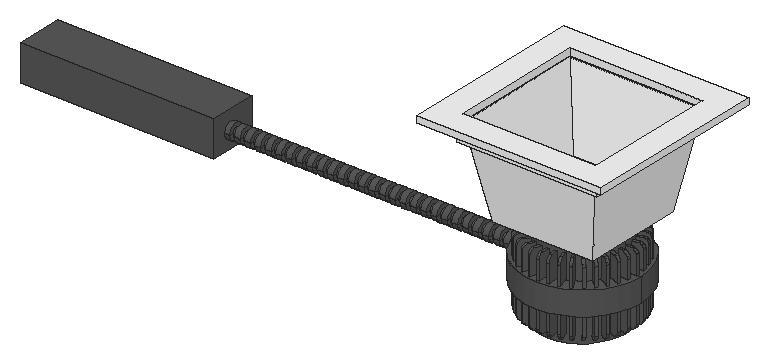
Revit family "LBRP-M-LSSL-4SQD", category Lighting Fixtures, host Face, Revit 2021
Family settings
  Host = Face
  Round Connector Dimension = Use Diameter
  Part Type = Normal
  OmniClass Number = 23.80.70.11.14.17
  OmniClass Title = Direct/Indirect
  Cut with Voids When Loaded = No
  Light Source = Yes
  Shared = Yes
  Room Calculation Point = No
Parameters (values of type "LBRP-M-LSSL-4SQD")
  Heat Sink = Black
  Features = "4\", 6\" and 8\" apertures, delivering 800 to 5000 lumens\r\n•  Aluminum anodized or white reflector with cast flange, 55 deg cutoff\r\n•  Switchable Lumen, CCT, and Beam Angle\r\n•  Integral wiring compartment (standard)\r\n•  Optional support pans for Joist or T-Grid ceilings\r\n•  Universal 120–277V with 0–10V Dim to Off\r\n•  Long Life L70 at >50,000 hrs (TM-21),"
  A = 4.24"
  Wattage = 9.6 W
  Warranty = "5-Years Warranty"
  built-in parameter 1150110 = 1 (stored number, unit not read)
  Voltage = 120 V
  D = 5.97"
  C = 0.20"
  built-in parameter 1114217 = 1 (stored number, unit not read)
  Tilt Angle = -90.00°
  built-in parameter 1150109 = 1 (stored number, unit not read)
  built-in parameter 1150134 = (empty or 0)
  built-in parameter 1150113 = 1 (stored number, unit not read)
  Product Documentation Link = ""
  Power Factor = 0.9
  Photometric Web Link = ""
  Photometric Web File = "LBRP-M-LSMLCS9_LBRP-4SQD-T-D_3000K_1600lm.ies"
  Photometric Notes = "More IES files download on Photometric Web Link"  # constant formula
  zz Length 1 = 48.00"
  Wattage Comments = " 9.6 - 29.7 W"  # constant formula
  URL = "https://www.currentlighting.com/prescolite"
  Product Page URL = ""
  Model = "LBRP-M-LSSL-4SQD"  # constant formula
  Manufacturer = "Prescolite Lighting"  # constant formula
  built-in parameter 1150105 = 66.463 (stored number, unit not read)
  Lumens = 835.2 lm
  built-in parameter 1150115 = 1 (stored number, unit not read)
  Load Classification = Lighting
  built-in parameter 1150137 = (empty or 0)
  built-in parameter 1150139 = (empty or 0)
  built-in parameter 1150112 = 1 (stored number, unit not read)
  built-in parameter 1150114 = 1 (stored number, unit not read)
  Lamp = "LED's"  # constant formula
  built-in parameter 1150132 = (empty or 0)
  built-in parameter 1150102 = (empty or 0)
  built-in parameter 1150107 = 3500 (stored number, unit not read)
  built-in parameter 1150138 = (empty or 0)
  built-in parameter 1150106 = 0.66463 (stored number, unit not read)
  Glass = White Glass
  built-in parameter 1150104 = 8.0826 (stored number, unit not read)
  Dimming Lamp Color Temperature Shift = <None>
  Description = "PRO CANLESS DIRECT INSTALL DOWNLIGHT\r"  # constant formula
  Default Elevation = 48.00"
  Contact Us = ""
  Color Filter = 16777215
  built-in parameter 1114218 = 1 (stored number, unit not read)
  Housing Material = Paint - Matte White
  B = 5.86"
  built-in parameter 1150133 = 10 (stored number, unit not read)
  Assembly Code = "D5020200"
  Apparent Load = 11.5 VA
Reference planes (in)
  plane 1 "Center (Front/Back)": y = 13.01342
  plane 2: z = 0
  plane 3 "Center (Left/Right)": x = 0
  plane 4: z = 0.2
  plane 5: z = -5.77
  plane 6: y = 15.13342
  plane 7: y = 10.89342
  plane 8: y = 15.94342
  plane 9: y = 10.08342
  plane 10: x = 2.93
  plane 11: x = -2.93
  plane 12: x = 2.12
  plane 13: x = -2.12
Forms (in)
  Revolve 1, solid, material "Black" <- "Heat Sink"
    sketch origin (0, 13.01342, 0) x (1, 0, 0) y (0, 0, 1)
      loop
        line (1.38083, -2.93419) -> (0.86374, -2.93419) -> (0, -2.93419) -> (0, -5.77) -> (1.38083, -5.77) -> (1.38083, -4.72236) -> (1.88083, -4.72236) -> (1.88083, -3.97236) -> (1.38083, -3.97236) -> (1.38083, -2.93419)
      axis (0, -2.93419) -> (0, -5.77)
    angle from 0 to 360
  Extrusion 2, solid, material "Black" <- "Heat Sink"
    sketch origin (0, 13.01342, 0.0625) x (1, 0, 0) y (0, 0, 1)
      loop
        line (1.38083, -4.03486) -> (1.75583, -4.03486) -> (1.75583, -3.44939)
        arc (1.75583, -3.44939) -> (1.70764, -3.33305) -> (1.5913, -3.28486) r 0.16453
        line (1.5913, -3.28486) -> (1.38083, -3.28486) -> (1.38083, -4.03486)
      loop
        line (1.38083, -4.78434) -> (1.38083, -5.59684) -> (1.5913, -5.59684)
        arc (1.5913, -5.59684) -> (1.70764, -5.54865) -> (1.75583, -5.43231) r 0.16453
        line (1.75583, -5.43231) -> (1.75583, -4.78434) -> (1.38083, -4.78434)
    from -0.0248 to 0.04965
  Extrusion 3, solid, material "Black" <- "Heat Sink"
    sketch origin (0, 13.01342, 0.0625) x (0.984808, -0.173648, 0) y (0, 0, 1)
      loop
        line (1.38083, -4.03486) -> (1.75583, -4.03486) -> (1.75583, -3.44939)
        arc (1.75583, -3.44939) -> (1.70764, -3.33305) -> (1.5913, -3.28486) r 0.16453
        line (1.5913, -3.28486) -> (1.38083, -3.28486) -> (1.38083, -4.03486)
      loop
        line (1.38083, -4.78434) -> (1.38083, -5.59684) -> (1.5913, -5.59684)
        arc (1.5913, -5.59684) -> (1.70764, -5.54865) -> (1.75583, -5.43231) r 0.16453
        line (1.75583, -5.43231) -> (1.75583, -4.78434) -> (1.38083, -4.78434)
    from -0.0248 to 0.04965
  Extrusion 4, solid, material "Black" <- "Heat Sink"
    sketch origin (0, 13.01342, 0.0625) x (0.939693, -0.34202, 0) y (0, 0, 1)
      loop
        line (1.38083, -4.03486) -> (1.75583, -4.03486) -> (1.75583, -3.44939)
        arc (1.75583, -3.44939) -> (1.70764, -3.33305) -> (1.5913, -3.28486) r 0.16453
        line (1.5913, -3.28486) -> (1.38083, -3.28486) -> (1.38083, -4.03486)
      loop
        line (1.38083, -4.78434) -> (1.38083, -5.59684) -> (1.5913, -5.59684)
        arc (1.5913, -5.59684) -> (1.70764, -5.54865) -> (1.75583, -5.43231) r 0.16453
        line (1.75583, -5.43231) -> (1.75583, -4.78434) -> (1.38083, -4.78434)
    from -0.0248 to 0.04965
  Extrusion 5, solid, material "Black" <- "Heat Sink"
    sketch origin (0, 13.01342, 0.0625) x (0.866025, -0.5, 0) y (0, 0, 1)
      loop
        line (1.38083, -4.03486) -> (1.75583, -4.03486) -> (1.75583, -3.44939)
        arc (1.75583, -3.44939) -> (1.70764, -3.33305) -> (1.5913, -3.28486) r 0.16453
        line (1.5913, -3.28486) -> (1.38083, -3.28486) -> (1.38083, -4.03486)
      loop
        line (1.38083, -4.78434) -> (1.38083, -5.59684) -> (1.5913, -5.59684)
        arc (1.5913, -5.59684) -> (1.70764, -5.54865) -> (1.75583, -5.43231) r 0.16453
        line (1.75583, -5.43231) -> (1.75583, -4.78434) -> (1.38083, -4.78434)
    from -0.0248 to 0.04965
  Extrusion 6, solid, material "Black" <- "Heat Sink"
    sketch origin (0, 13.01342, 0.0625) x (0.766044, -0.642788, 0) y (0, 0, 1)
      loop
        line (1.38083, -4.03486) -> (1.75583, -4.03486) -> (1.75583, -3.44939)
        arc (1.75583, -3.44939) -> (1.70764, -3.33305) -> (1.5913, -3.28486) r 0.16453
        line (1.5913, -3.28486) -> (1.38083, -3.28486) -> (1.38083, -4.03486)
      loop
        line (1.38083, -4.78434) -> (1.38083, -5.59684) -> (1.5913, -5.59684)
        arc (1.5913, -5.59684) -> (1.70764, -5.54865) -> (1.75583, -5.43231) r 0.16453
        line (1.75583, -5.43231) -> (1.75583, -4.78434) -> (1.38083, -4.78434)
    from -0.0248 to 0.04965
  Extrusion 7, solid, material "Black" <- "Heat Sink"
    sketch origin (0, 13.01342, 0.0625) x (0.642788, -0.766044, 0) y (0, 0, 1)
      loop
        line (1.38083, -4.03486) -> (1.75583, -4.03486) -> (1.75583, -3.44939)
        arc (1.75583, -3.44939) -> (1.70764, -3.33305) -> (1.5913, -3.28486) r 0.16453
        line (1.5913, -3.28486) -> (1.38083, -3.28486) -> (1.38083, -4.03486)
      loop
        line (1.38083, -4.78434) -> (1.38083, -5.59684) -> (1.5913, -5.59684)
        arc (1.5913, -5.59684) -> (1.70764, -5.54865) -> (1.75583, -5.43231) r 0.16453
        line (1.75583, -5.43231) -> (1.75583, -4.78434) -> (1.38083, -4.78434)
    from -0.0248 to 0.04965
  Extrusion 8, solid, material "Black" <- "Heat Sink"
    sketch origin (0, 13.01342, 0.0625) x (0.5, -0.866025, 0) y (0, 0, 1)
      loop
        line (1.38083, -4.03486) -> (1.75583, -4.03486) -> (1.75583, -3.44939)
        arc (1.75583, -3.44939) -> (1.70764, -3.33305) -> (1.5913, -3.28486) r 0.16453
        line (1.5913, -3.28486) -> (1.38083, -3.28486) -> (1.38083, -4.03486)
      loop
        line (1.38083, -4.78434) -> (1.38083, -5.59684) -> (1.5913, -5.59684)
        arc (1.5913, -5.59684) -> (1.70764, -5.54865) -> (1.75583, -5.43231) r 0.16453
        line (1.75583, -5.43231) -> (1.75583, -4.78434) -> (1.38083, -4.78434)
    from -0.0248 to 0.04965
  Extrusion 9, solid, material "Black" <- "Heat Sink"
    sketch origin (0, 13.01342, 0.0625) x (0.34202, -0.939693, 0) y (0, 0, 1)
      loop
        line (1.38083, -4.03486) -> (1.75583, -4.03486) -> (1.75583, -3.44939)
        arc (1.75583, -3.44939) -> (1.70764, -3.33305) -> (1.5913, -3.28486) r 0.16453
        line (1.5913, -3.28486) -> (1.38083, -3.28486) -> (1.38083, -4.03486)
      loop
        line (1.38083, -4.78434) -> (1.38083, -5.59684) -> (1.5913, -5.59684)
        arc (1.5913, -5.59684) -> (1.70764, -5.54865) -> (1.75583, -5.43231) r 0.16453
        line (1.75583, -5.43231) -> (1.75583, -4.78434) -> (1.38083, -4.78434)
    from -0.0248 to 0.04965
  Extrusion 10, solid, material "Black" <- "Heat Sink"
    sketch origin (0, 13.01342, 0.0625) x (0.173648, -0.984808, 0) y (0, 0, 1)
      loop
        line (1.38083, -4.03486) -> (1.75583, -4.03486) -> (1.75583, -3.44939)
        arc (1.75583, -3.44939) -> (1.70764, -3.33305) -> (1.5913, -3.28486) r 0.16453
        line (1.5913, -3.28486) -> (1.38083, -3.28486) -> (1.38083, -4.03486)
      loop
        line (1.38083, -4.78434) -> (1.38083, -5.59684) -> (1.5913, -5.59684)
        arc (1.5913, -5.59684) -> (1.70764, -5.54865) -> (1.75583, -5.43231) r 0.16453
        line (1.75583, -5.43231) -> (1.75583, -4.78434) -> (1.38083, -4.78434)
    from -0.0248 to 0.04965
  Extrusion 11, solid, material "Black" <- "Heat Sink"
    sketch origin (0, 13.01342, 0.0625) x (0, -1, 0) y (0, 0, 1)
      loop
        line (1.38083, -4.03486) -> (1.75583, -4.03486) -> (1.75583, -3.44939)
        arc (1.75583, -3.44939) -> (1.70764, -3.33305) -> (1.5913, -3.28486) r 0.16453
        line (1.5913, -3.28486) -> (1.38083, -3.28486) -> (1.38083, -4.03486)
      loop
        line (1.38083, -4.78434) -> (1.38083, -5.59684) -> (1.5913, -5.59684)
        arc (1.5913, -5.59684) -> (1.70764, -5.54865) -> (1.75583, -5.43231) r 0.16453
        line (1.75583, -5.43231) -> (1.75583, -4.78434) -> (1.38083, -4.78434)
    from -0.0248 to 0.04965
  Extrusion 12, solid, material "Black" <- "Heat Sink"
    sketch origin (0, 13.01342, 0.0625) x (-0.173648, -0.984808, 0) y (0, 0, 1)
      loop
        line (1.38083, -4.03486) -> (1.75583, -4.03486) -> (1.75583, -3.44939)
        arc (1.75583, -3.44939) -> (1.70764, -3.33305) -> (1.5913, -3.28486) r 0.16453
        line (1.5913, -3.28486) -> (1.38083, -3.28486) -> (1.38083, -4.03486)
      loop
        line (1.38083, -4.78434) -> (1.38083, -5.59684) -> (1.5913, -5.59684)
        arc (1.5913, -5.59684) -> (1.70764, -5.54865) -> (1.75583, -5.43231) r 0.16453
        line (1.75583, -5.43231) -> (1.75583, -4.78434) -> (1.38083, -4.78434)
    from -0.0248 to 0.04965
  Extrusion 13, solid, material "Black" <- "Heat Sink"
    sketch origin (0, 13.01342, 0.0625) x (-0.34202, -0.939693, 0) y (0, 0, 1)
      loop
        line (1.38083, -4.03486) -> (1.75583, -4.03486) -> (1.75583, -3.44939)
        arc (1.75583, -3.44939) -> (1.70764, -3.33305) -> (1.5913, -3.28486) r 0.16453
        line (1.5913, -3.28486) -> (1.38083, -3.28486) -> (1.38083, -4.03486)
      loop
        line (1.38083, -4.78434) -> (1.38083, -5.59684) -> (1.5913, -5.59684)
        arc (1.5913, -5.59684) -> (1.70764, -5.54865) -> (1.75583, -5.43231) r 0.16453
        line (1.75583, -5.43231) -> (1.75583, -4.78434) -> (1.38083, -4.78434)
    from -0.0248 to 0.04965
  Extrusion 14, solid, material "Black" <- "Heat Sink"
    sketch origin (0, 13.01342, 0.0625) x (-0.5, -0.866025, 0) y (0, 0, 1)
      loop
        line (1.38083, -4.03486) -> (1.75583, -4.03486) -> (1.75583, -3.44939)
        arc (1.75583, -3.44939) -> (1.70764, -3.33305) -> (1.5913, -3.28486) r 0.16453
        line (1.5913, -3.28486) -> (1.38083, -3.28486) -> (1.38083, -4.03486)
      loop
        line (1.38083, -4.78434) -> (1.38083, -5.59684) -> (1.5913, -5.59684)
        arc (1.5913, -5.59684) -> (1.70764, -5.54865) -> (1.75583, -5.43231) r 0.16453
        line (1.75583, -5.43231) -> (1.75583, -4.78434) -> (1.38083, -4.78434)
    from -0.0248 to 0.04965
  Extrusion 15, solid, material "Black" <- "Heat Sink"
    sketch origin (0, 13.01342, 0.0625) x (-0.642788, -0.766044, 0) y (0, 0, 1)
      loop
        line (1.38083, -4.03486) -> (1.75583, -4.03486) -> (1.75583, -3.44939)
        arc (1.75583, -3.44939) -> (1.70764, -3.33305) -> (1.5913, -3.28486) r 0.16453
        line (1.5913, -3.28486) -> (1.38083, -3.28486) -> (1.38083, -4.03486)
      loop
        line (1.38083, -4.78434) -> (1.38083, -5.59684) -> (1.5913, -5.59684)
        arc (1.5913, -5.59684) -> (1.70764, -5.54865) -> (1.75583, -5.43231) r 0.16453
        line (1.75583, -5.43231) -> (1.75583, -4.78434) -> (1.38083, -4.78434)
    from -0.0248 to 0.04965
  Extrusion 16, solid, material "Black" <- "Heat Sink"
    sketch origin (0, 13.01342, 0.0625) x (-0.766044, -0.642788, 0) y (0, 0, 1)
      loop
        line (1.38083, -4.03486) -> (1.75583, -4.03486) -> (1.75583, -3.44939)
        arc (1.75583, -3.44939) -> (1.70764, -3.33305) -> (1.5913, -3.28486) r 0.16453
        line (1.5913, -3.28486) -> (1.38083, -3.28486) -> (1.38083, -4.03486)
      loop
        line (1.38083, -4.78434) -> (1.38083, -5.59684) -> (1.5913, -5.59684)
        arc (1.5913, -5.59684) -> (1.70764, -5.54865) -> (1.75583, -5.43231) r 0.16453
        line (1.75583, -5.43231) -> (1.75583, -4.78434) -> (1.38083, -4.78434)
    from -0.0248 to 0.04965
  Extrusion 17, solid, material "Black" <- "Heat Sink"
    sketch origin (0, 13.01342, 0.0625) x (-0.866025, -0.5, 0) y (0, 0, 1)
      loop
        line (1.38083, -4.03486) -> (1.75583, -4.03486) -> (1.75583, -3.44939)
        arc (1.75583, -3.44939) -> (1.70764, -3.33305) -> (1.5913, -3.28486) r 0.16453
        line (1.5913, -3.28486) -> (1.38083, -3.28486) -> (1.38083, -4.03486)
      loop
        line (1.38083, -4.78434) -> (1.38083, -5.59684) -> (1.5913, -5.59684)
        arc (1.5913, -5.59684) -> (1.70764, -5.54865) -> (1.75583, -5.43231) r 0.16453
        line (1.75583, -5.43231) -> (1.75583, -4.78434) -> (1.38083, -4.78434)
    from -0.0248 to 0.04965
  Extrusion 18, solid, material "Black" <- "Heat Sink"
    sketch origin (0, 13.01342, 0.0625) x (-1, 0, 0) y (0, 0, -1)
      loop
        line (1.38083, 4.03486) -> (1.38083, 3.28486) -> (1.5913, 3.28486)
        arc (1.5913, 3.28486) -> (1.70764, 3.33305) -> (1.75583, 3.44939) r 0.16453
        line (1.75583, 3.44939) -> (1.75583, 4.03486) -> (1.38083, 4.03486)
      loop
        line (1.38083, 4.78434) -> (1.75583, 4.78434) -> (1.75583, 5.43231)
        arc (1.75583, 5.43231) -> (1.70764, 5.54865) -> (1.5913, 5.59684) r 0.16453
        line (1.5913, 5.59684) -> (1.38083, 5.59684) -> (1.38083, 4.78434)
    from -0.0248 to 0.04965
  Extrusion 19, solid, material "Black" <- "Heat Sink"
    sketch origin (0, 13.01342, 0.0625) x (-0.984808, -0.173648, 0) y (0, 0, -1)
      loop
        line (1.38083, 4.03486) -> (1.38083, 3.28486) -> (1.5913, 3.28486)
        arc (1.5913, 3.28486) -> (1.70764, 3.33305) -> (1.75583, 3.44939) r 0.16453
        line (1.75583, 3.44939) -> (1.75583, 4.03486) -> (1.38083, 4.03486)
      loop
        line (1.38083, 4.78434) -> (1.75583, 4.78434) -> (1.75583, 5.43231)
        arc (1.75583, 5.43231) -> (1.70764, 5.54865) -> (1.5913, 5.59684) r 0.16453
        line (1.5913, 5.59684) -> (1.38083, 5.59684) -> (1.38083, 4.78434)
    from -0.0248 to 0.04965
  Extrusion 20, solid, material "Black" <- "Heat Sink"
    sketch origin (0, 13.01342, 0.0625) x (-0.939693, -0.34202, 0) y (0, 0, -1)
      loop
        line (1.38083, 4.03486) -> (1.38083, 3.28486) -> (1.5913, 3.28486)
        arc (1.5913, 3.28486) -> (1.70764, 3.33305) -> (1.75583, 3.44939) r 0.16453
        line (1.75583, 3.44939) -> (1.75583, 4.03486) -> (1.38083, 4.03486)
      loop
        line (1.38083, 4.78434) -> (1.75583, 4.78434) -> (1.75583, 5.43231)
        arc (1.75583, 5.43231) -> (1.70764, 5.54865) -> (1.5913, 5.59684) r 0.16453
        line (1.5913, 5.59684) -> (1.38083, 5.59684) -> (1.38083, 4.78434)
    from -0.0248 to 0.04965
  Extrusion 21, solid, material "Black" <- "Heat Sink"
    sketch origin (0, 13.01342, 0.0625) x (0.984808, 0.173648, 0) y (0, 0, -1)
      loop
        line (1.38083, 4.03486) -> (1.38083, 3.28486) -> (1.5913, 3.28486)
        arc (1.5913, 3.28486) -> (1.70764, 3.33305) -> (1.75583, 3.44939) r 0.16453
        line (1.75583, 3.44939) -> (1.75583, 4.03486) -> (1.38083, 4.03486)
      loop
        line (1.38083, 4.78434) -> (1.75583, 4.78434) -> (1.75583, 5.43231)
        arc (1.75583, 5.43231) -> (1.70764, 5.54865) -> (1.5913, 5.59684) r 0.16453
        line (1.5913, 5.59684) -> (1.38083, 5.59684) -> (1.38083, 4.78434)
    from -0.0248 to 0.04965
  Extrusion 22, solid, material "Black" <- "Heat Sink"
    sketch origin (0, 13.01342, 0.0625) x (0.939693, 0.34202, 0) y (0, 0, -1)
      loop
        line (1.38083, 4.03486) -> (1.38083, 3.28486) -> (1.5913, 3.28486)
        arc (1.5913, 3.28486) -> (1.70764, 3.33305) -> (1.75583, 3.44939) r 0.16453
        line (1.75583, 3.44939) -> (1.75583, 4.03486) -> (1.38083, 4.03486)
      loop
        line (1.38083, 4.78434) -> (1.75583, 4.78434) -> (1.75583, 5.43231)
        arc (1.75583, 5.43231) -> (1.70764, 5.54865) -> (1.5913, 5.59684) r 0.16453
        line (1.5913, 5.59684) -> (1.38083, 5.59684) -> (1.38083, 4.78434)
    from -0.0248 to 0.04965
  Extrusion 23, solid, material "Black" <- "Heat Sink"
    sketch origin (0, 13.01342, 0.0625) x (0.866025, 0.5, 0) y (0, 0, -1)
      loop
        line (1.38083, 4.03486) -> (1.38083, 3.28486) -> (1.5913, 3.28486)
        arc (1.5913, 3.28486) -> (1.70764, 3.33305) -> (1.75583, 3.44939) r 0.16453
        line (1.75583, 3.44939) -> (1.75583, 4.03486) -> (1.38083, 4.03486)
      loop
        line (1.38083, 4.78434) -> (1.75583, 4.78434) -> (1.75583, 5.43231)
        arc (1.75583, 5.43231) -> (1.70764, 5.54865) -> (1.5913, 5.59684) r 0.16453
        line (1.5913, 5.59684) -> (1.38083, 5.59684) -> (1.38083, 4.78434)
    from -0.0248 to 0.04965
  Extrusion 24, solid, material "Black" <- "Heat Sink"
    sketch origin (0, 13.01342, 0.0625) x (0.766044, 0.642788, 0) y (0, 0, -1)
      loop
        line (1.38083, 4.03486) -> (1.38083, 3.28486) -> (1.5913, 3.28486)
        arc (1.5913, 3.28486) -> (1.70764, 3.33305) -> (1.75583, 3.44939) r 0.16453
        line (1.75583, 3.44939) -> (1.75583, 4.03486) -> (1.38083, 4.03486)
      loop
        line (1.38083, 4.78434) -> (1.75583, 4.78434) -> (1.75583, 5.43231)
        arc (1.75583, 5.43231) -> (1.70764, 5.54865) -> (1.5913, 5.59684) r 0.16453
        line (1.5913, 5.59684) -> (1.38083, 5.59684) -> (1.38083, 4.78434)
    from -0.0248 to 0.04965
  Extrusion 25, solid, material "Black" <- "Heat Sink"
    sketch origin (0, 13.01342, 0.0625) x (0.642788, 0.766044, 0) y (0, 0, -1)
      loop
        line (1.38083, 4.03486) -> (1.38083, 3.28486) -> (1.5913, 3.28486)
        arc (1.5913, 3.28486) -> (1.70764, 3.33305) -> (1.75583, 3.44939) r 0.16453
        line (1.75583, 3.44939) -> (1.75583, 4.03486) -> (1.38083, 4.03486)
      loop
        line (1.38083, 4.78434) -> (1.75583, 4.78434) -> (1.75583, 5.43231)
        arc (1.75583, 5.43231) -> (1.70764, 5.54865) -> (1.5913, 5.59684) r 0.16453
        line (1.5913, 5.59684) -> (1.38083, 5.59684) -> (1.38083, 4.78434)
    from -0.0248 to 0.04965
  Extrusion 26, solid, material "Black" <- "Heat Sink"
    sketch origin (0, 13.01342, 0.0625) x (0.5, 0.866025, 0) y (0, 0, -1)
      loop
        line (1.38083, 4.03486) -> (1.38083, 3.28486) -> (1.5913, 3.28486)
        arc (1.5913, 3.28486) -> (1.70764, 3.33305) -> (1.75583, 3.44939) r 0.16453
        line (1.75583, 3.44939) -> (1.75583, 4.03486) -> (1.38083, 4.03486)
      loop
        line (1.38083, 4.78434) -> (1.75583, 4.78434) -> (1.75583, 5.43231)
        arc (1.75583, 5.43231) -> (1.70764, 5.54865) -> (1.5913, 5.59684) r 0.16453
        line (1.5913, 5.59684) -> (1.38083, 5.59684) -> (1.38083, 4.78434)
    from -0.0248 to 0.04965
  Extrusion 27, solid, material "Black" <- "Heat Sink"
    sketch origin (0, 13.01342, 0.0625) x (0.34202, 0.939693, 0) y (0, 0, -1)
      loop
        line (1.38083, 4.03486) -> (1.38083, 3.28486) -> (1.5913, 3.28486)
        arc (1.5913, 3.28486) -> (1.70764, 3.33305) -> (1.75583, 3.44939) r 0.16453
        line (1.75583, 3.44939) -> (1.75583, 4.03486) -> (1.38083, 4.03486)
      loop
        line (1.38083, 4.78434) -> (1.75583, 4.78434) -> (1.75583, 5.43231)
        arc (1.75583, 5.43231) -> (1.70764, 5.54865) -> (1.5913, 5.59684) r 0.16453
        line (1.5913, 5.59684) -> (1.38083, 5.59684) -> (1.38083, 4.78434)
    from -0.0248 to 0.04965
  Extrusion 28, solid, material "Black" <- "Heat Sink"
    sketch origin (0, 13.01342, 0.0625) x (0.173648, 0.984808, 0) y (0, 0, -1)
      loop
        line (1.38083, 4.03486) -> (1.38083, 3.28486) -> (1.5913, 3.28486)
        arc (1.5913, 3.28486) -> (1.70764, 3.33305) -> (1.75583, 3.44939) r 0.16453
        line (1.75583, 3.44939) -> (1.75583, 4.03486) -> (1.38083, 4.03486)
      loop
        line (1.38083, 4.78434) -> (1.75583, 4.78434) -> (1.75583, 5.43231)
        arc (1.75583, 5.43231) -> (1.70764, 5.54865) -> (1.5913, 5.59684) r 0.16453
        line (1.5913, 5.59684) -> (1.38083, 5.59684) -> (1.38083, 4.78434)
    from -0.0248 to 0.04965
  Extrusion 29, solid, material "Black" <- "Heat Sink"
    sketch origin (0, 13.01342, 0.0625) x (0, 1, 0) y (0, 0, -1)
      loop
        line (1.38083, 4.03486) -> (1.38083, 3.28486) -> (1.5913, 3.28486)
        arc (1.5913, 3.28486) -> (1.70764, 3.33305) -> (1.75583, 3.44939) r 0.16453
        line (1.75583, 3.44939) -> (1.75583, 4.03486) -> (1.38083, 4.03486)
      loop
        line (1.38083, 4.78434) -> (1.75583, 4.78434) -> (1.75583, 5.43231)
        arc (1.75583, 5.43231) -> (1.70764, 5.54865) -> (1.5913, 5.59684) r 0.16453
        line (1.5913, 5.59684) -> (1.38083, 5.59684) -> (1.38083, 4.78434)
    from -0.0248 to 0.04965
  Extrusion 30, solid, material "Black" <- "Heat Sink"
    sketch origin (0, 13.01342, 0.0625) x (-0.173648, 0.984808, 0) y (0, 0, -1)
      loop
        line (1.38083, 4.03486) -> (1.38083, 3.28486) -> (1.5913, 3.28486)
        arc (1.5913, 3.28486) -> (1.70764, 3.33305) -> (1.75583, 3.44939) r 0.16453
        line (1.75583, 3.44939) -> (1.75583, 4.03486) -> (1.38083, 4.03486)
      loop
        line (1.38083, 4.78434) -> (1.75583, 4.78434) -> (1.75583, 5.43231)
        arc (1.75583, 5.43231) -> (1.70764, 5.54865) -> (1.5913, 5.59684) r 0.16453
        line (1.5913, 5.59684) -> (1.38083, 5.59684) -> (1.38083, 4.78434)
    from -0.0248 to 0.04965
  Extrusion 31, solid, material "Black" <- "Heat Sink"
    sketch origin (0, 13.01342, 0.0625) x (-0.34202, 0.939693, 0) y (0, 0, -1)
      loop
        line (1.38083, 4.03486) -> (1.38083, 3.28486) -> (1.5913, 3.28486)
        arc (1.5913, 3.28486) -> (1.70764, 3.33305) -> (1.75583, 3.44939) r 0.16453
        line (1.75583, 3.44939) -> (1.75583, 4.03486) -> (1.38083, 4.03486)
      loop
        line (1.38083, 4.78434) -> (1.75583, 4.78434) -> (1.75583, 5.43231)
        arc (1.75583, 5.43231) -> (1.70764, 5.54865) -> (1.5913, 5.59684) r 0.16453
        line (1.5913, 5.59684) -> (1.38083, 5.59684) -> (1.38083, 4.78434)
    from -0.0248 to 0.04965
  Extrusion 32, solid, material "Black" <- "Heat Sink"
    sketch origin (0, 13.01342, 0.0625) x (-0.5, 0.866025, 0) y (0, 0, -1)
      loop
        line (1.38083, 4.03486) -> (1.38083, 3.28486) -> (1.5913, 3.28486)
        arc (1.5913, 3.28486) -> (1.70764, 3.33305) -> (1.75583, 3.44939) r 0.16453
        line (1.75583, 3.44939) -> (1.75583, 4.03486) -> (1.38083, 4.03486)
      loop
        line (1.38083, 4.78434) -> (1.75583, 4.78434) -> (1.75583, 5.43231)
        arc (1.75583, 5.43231) -> (1.70764, 5.54865) -> (1.5913, 5.59684) r 0.16453
        line (1.5913, 5.59684) -> (1.38083, 5.59684) -> (1.38083, 4.78434)
    from -0.0248 to 0.04965
  Extrusion 33, solid, material "Black" <- "Heat Sink"
    sketch origin (0, 13.01342, 0.0625) x (-0.642788, 0.766044, 0) y (0, 0, -1)
      loop
        line (1.38083, 4.03486) -> (1.38083, 3.28486) -> (1.5913, 3.28486)
        arc (1.5913, 3.28486) -> (1.70764, 3.33305) -> (1.75583, 3.44939) r 0.16453
        line (1.75583, 3.44939) -> (1.75583, 4.03486) -> (1.38083, 4.03486)
      loop
        line (1.38083, 4.78434) -> (1.75583, 4.78434) -> (1.75583, 5.43231)
        arc (1.75583, 5.43231) -> (1.70764, 5.54865) -> (1.5913, 5.59684) r 0.16453
        line (1.5913, 5.59684) -> (1.38083, 5.59684) -> (1.38083, 4.78434)
    from -0.0248 to 0.04965
  Extrusion 34, solid, material "Black" <- "Heat Sink"
    sketch origin (0, 13.01342, 0.0625) x (-0.766044, 0.642788, 0) y (0, 0, -1)
      loop
        line (1.38083, 4.03486) -> (1.38083, 3.28486) -> (1.5913, 3.28486)
        arc (1.5913, 3.28486) -> (1.70764, 3.33305) -> (1.75583, 3.44939) r 0.16453
        line (1.75583, 3.44939) -> (1.75583, 4.03486) -> (1.38083, 4.03486)
      loop
        line (1.38083, 4.78434) -> (1.75583, 4.78434) -> (1.75583, 5.43231)
        arc (1.75583, 5.43231) -> (1.70764, 5.54865) -> (1.5913, 5.59684) r 0.16453
        line (1.5913, 5.59684) -> (1.38083, 5.59684) -> (1.38083, 4.78434)
    from -0.0248 to 0.04965
  Extrusion 35, solid, material "Black" <- "Heat Sink"
    sketch origin (0, 13.01342, 0.0625) x (-0.866025, 0.5, 0) y (0, 0, -1)
      loop
        line (1.38083, 4.03486) -> (1.38083, 3.28486) -> (1.5913, 3.28486)
        arc (1.5913, 3.28486) -> (1.70764, 3.33305) -> (1.75583, 3.44939) r 0.16453
        line (1.75583, 3.44939) -> (1.75583, 4.03486) -> (1.38083, 4.03486)
      loop
        line (1.38083, 4.78434) -> (1.75583, 4.78434) -> (1.75583, 5.43231)
        arc (1.75583, 5.43231) -> (1.70764, 5.54865) -> (1.5913, 5.59684) r 0.16453
        line (1.5913, 5.59684) -> (1.38083, 5.59684) -> (1.38083, 4.78434)
    from -0.0248 to 0.04965
  Extrusion 36, solid, material "Black" <- "Heat Sink"
    sketch origin (0, 13.01342, 0.0625) x (-0.984808, 0.173648, 0) y (0, 0, 1)
      loop
        line (1.38083, -4.03486) -> (1.75583, -4.03486) -> (1.75583, -3.44939)
        arc (1.75583, -3.44939) -> (1.70764, -3.33305) -> (1.5913, -3.28486) r 0.16453
        line (1.5913, -3.28486) -> (1.38083, -3.28486) -> (1.38083, -4.03486)
      loop
        line (1.38083, -4.78434) -> (1.38083, -5.59684) -> (1.5913, -5.59684)
        arc (1.5913, -5.59684) -> (1.70764, -5.54865) -> (1.75583, -5.43231) r 0.16453
        line (1.75583, -5.43231) -> (1.75583, -4.78434) -> (1.38083, -4.78434)
    from -0.0248 to 0.04965
  Extrusion 37, solid, material "Black" <- "Heat Sink"
    sketch origin (0, 13.01342, 0.0625) x (-0.939693, 0.34202, 0) y (0, 0, 1)
      loop
        line (1.38083, -4.03486) -> (1.75583, -4.03486) -> (1.75583, -3.44939)
        arc (1.75583, -3.44939) -> (1.70764, -3.33305) -> (1.5913, -3.28486) r 0.16453
        line (1.5913, -3.28486) -> (1.38083, -3.28486) -> (1.38083, -4.03486)
      loop
        line (1.38083, -4.78434) -> (1.38083, -5.59684) -> (1.5913, -5.59684)
        arc (1.5913, -5.59684) -> (1.70764, -5.54865) -> (1.75583, -5.43231) r 0.16453
        line (1.75583, -5.43231) -> (1.75583, -4.78434) -> (1.38083, -4.78434)
    from -0.0248 to 0.04965
  Revolve 38, solid, material "Black" <- "Heat Sink"
    sketch origin (1.1875, 0, -4.375) x (1, 0, 0) y (0, 1, 0)
      loop
        line (-12.40674, 13.01342) -> (-2.88494, 13.01342) -> (-2.88494, 13.16148) -> (-2.98144, 13.16148) -> (-2.98144, 13.26342) -> (-3.1692, 13.26342) -> (-3.1692, 13.16148) -> (-3.31136, 13.16148) -> (-3.31136, 13.26342) -> (-3.49911, 13.26342) -> (-3.49911, 13.16148) -> (-3.64127, 13.16148) -> (-3.64127, 13.26342) -> (-3.82902, 13.26342) -> (-3.82902, 13.16148) -> (-3.97118, 13.16148) -> (-3.97118, 13.26342) -> (-4.15894, 13.26342) -> (-4.15894, 13.16148) -> (-4.30109, 13.16148) -> (-4.30109, 13.26342) -> (-4.48885, 13.26342) -> (-4.48885, 13.16148) -> (-4.63101, 13.16148) -> (-4.63101, 13.26342) -> (-4.81876, 13.26342) -> (-4.81876, 13.16148) -> (-4.96092, 13.16148) -> (-4.96092, 13.26342) -> (-5.14867, 13.26342) -> (-5.14867, 13.16148) -> (-5.29083, 13.16148) -> (-5.29083, 13.26342) -> (-5.47859, 13.26342) -> (-5.47859, 13.16148) -> (-5.62074, 13.16148) -> (-5.62074, 13.26342) -> (-5.8085, 13.26342) -> (-5.8085, 13.16148) -> (-5.95065, 13.16148) -> (-5.95065, 13.26342) -> (-6.13841, 13.26342) -> (-6.13841, 13.16148) -> (-6.28057, 13.16148) -> (-6.28057, 13.26342) -> (-6.46832, 13.26342) -> (-6.46832, 13.16148) -> (-6.61048, 13.16148) -> (-6.61048, 13.26342) -> (-6.79823, 13.26342) -> (-6.79823, 13.16148) -> (-6.94039, 13.16148) -> (-6.94039, 13.26342) -> (-7.12815, 13.26342) -> (-7.12815, 13.16148) -> (-7.2703, 13.16148) -> (-7.2703, 13.26342) -> (-7.45806, 13.26342) -> (-7.45806, 13.16148) -> (-7.60021, 13.16148) -> (-7.60021, 13.26342) -> (-7.78797, 13.26342) -> (-7.78797, 13.16148) -> (-7.93013, 13.16148) -> (-7.93013, 13.26342) -> (-8.11788, 13.26342) -> (-8.11788, 13.16148) -> (-8.26004, 13.16148) -> (-8.26004, 13.26342) -> (-8.44779, 13.26342) -> (-8.44779, 13.16148) -> (-8.58995, 13.16148) -> (-8.58995, 13.26342) -> (-8.77771, 13.26342) -> (-8.77771, 13.16148) -> (-8.91986, 13.16148) -> (-8.91986, 13.26342) -> (-9.10762, 13.26342) -> (-9.10762, 13.16148) -> (-9.24977, 13.16148) -> (-9.24977, 13.26342) -> (-9.43753, 13.26342) -> (-9.43753, 13.16148) -> (-9.57969, 13.16148) -> (-9.57969, 13.26342) -> (-9.76744, 13.26342) -> (-9.76744, 13.16148) -> (-9.9096, 13.16148) -> (-9.9096, 13.26342) -> (-10.09735, 13.26342) -> (-10.09735, 13.16148) -> (-10.23951, 13.16148) -> (-10.23951, 13.26342) -> (-10.42727, 13.26342) -> (-10.42727, 13.16148) -> (-10.56942, 13.16148) -> (-10.56942, 13.26342) -> (-10.75718, 13.26342) -> (-10.75718, 13.16148) -> (-10.89933, 13.16148) -> (-10.89933, 13.26342) -> (-11.08709, 13.26342) -> (-11.08709, 13.16148) -> (-11.22925, 13.16148) -> (-11.22925, 13.26342) -> (-11.417, 13.26342) -> (-11.417, 13.16148) -> (-11.55916, 13.16148) -> (-11.55916, 13.26342) -> (-11.74691, 13.26342) -> (-11.74691, 13.16148) -> (-11.88907, 13.16148) -> (-11.88907, 13.26342) -> (-12.07683, 13.26342) -> (-12.07683, 13.16148) -> (-12.21898, 13.16148) -> (-12.21898, 13.26342) -> (-12.40674, 13.26342) -> (-12.40674, 13.01342)
      axis (-2.88494, 13.01342) -> (-12.40674, 13.01342)
    angle from 0 to 360
  Extrusion 39, solid, material "Black" <- "Heat Sink"
    sketch origin (1.23829, 0, -4.945) x (1, 0, 0) y (0, 1, 0)
      loop
        line (-12.45752, 13.86765) -> (-18.62752, 13.86765) -> (-18.62752, 12.36765) -> (-12.45752, 12.36765) -> (-12.45752, 13.86765)
    from 0 to 1.14
  Extrusion 40, solid, material "Paint - Matte White" <- "Housing Material"
    sketch origin (0, 0, 0) x (1, 0, 0) y (0, 1, 0)
      loop
        line (-2.93, 15.94342) -> (-2.93, 10.08342) -> (2.93, 10.08342) -> (2.93, 15.94342) -> (-2.93, 15.94342)
      loop
        line (-2.12, 15.13342) -> (-2.12, 10.89342) -> (2.12, 10.89342) -> (2.12, 15.13342) -> (-2.12, 15.13342)
    from 0 to 0.2
  Blend 41, solid, material "Paint - Matte White" <- "Housing Material"
    base sketch origin (0, 0, 0) x (1, 0, 0) y (0, 1, 0)
      loop
        line (-2.12, 15.13342) -> (-2.12, 10.89342) -> (2.12, 10.89342) -> (2.12, 15.13342) -> (-2.12, 15.13342)
    top sketch origin (0, 0, 0) x (1, 0, 0) y (0, 1, 0)
      loop
        line (-1.5913, 14.60472) -> (-1.5913, 11.42212) -> (1.5913, 11.42212) -> (1.5913, 14.60472) -> (-1.5913, 14.60472)
    from 0 to -2.93419
  Extrusion 42, solid, material "Paint - Matte White" <- "Housing Material"
    sketch origin (0, 0, 0) x (1, 0, 0) y (0, 1, 0)
      loop
        line (-2.12, 15.13342) -> (-2.12, 10.89342) -> (2.12, 10.89342) -> (2.12, 15.13342) -> (-2.12, 15.13342)
      loop
        line (-2.22, 15.23342) -> (-2.22, 10.79342) -> (2.22, 10.79342) -> (2.22, 15.23342) -> (-2.22, 15.23342)
    from 0 to -0.60947
  Blend 43, void
    base sketch origin (0, 0, 0) x (1, 0, 0) y (0, 1, 0)
      loop
        line (-2.12, 15.13342) -> (-2.12, 10.89342) -> (2.12, 10.89342) -> (2.12, 15.13342) -> (-2.12, 15.13342)
    top sketch origin (0, 0, 0) x (1, 0, 0) y (0, 1, 0)
      loop
        line (-1.50596, 14.5117) -> (-1.50596, 11.5117) -> (1.49404, 11.5117) -> (1.49404, 14.5117) -> (-1.50596, 14.5117)
    from 0.2 to -2.37006
Cuts and joins
  Blend 43 cuts Blend 41
  joined: Extrusion 40, Extrusion 42
Dimensions and locks (in)
  "D": plane 4 to plane 5
  "C": plane 4 to plane 2
  aligned and locked: plane 2 to host face
  aligned and locked: level to host face
  aligned and locked: plane 3 "Center (Left/Right)" to imposter light
Automatic sketch dimensions
  host sketch curve to host sketch curve = 96.00"  (x2)
  Revolve 1 sketch curve to plane 3 "Center (Left/Right)" = 0.00"  (x2)
  Revolve 1 sketch curve to plane 5 = 0.00"
  plane 3 "Center (Left/Right)" to Revolve 1 sketch curve = 0.86374"
  Revolve 1 sketch curve to Revolve 1 sketch curve = 1.04764"
  Revolve 1 sketch curve to Revolve 1 sketch curve = 0.75"
  Revolve 1 sketch curve to Revolve 1 sketch curve = 1.03818"
  Revolve 1 sketch curve to plane 5 = 18.85"
  plane 4 to Revolve 1 sketch curve = 55.32668"
  Extrusion 2 sketch curve to Extrusion 2 sketch curve = 0.21047"  (x2)
  Extrusion 2 sketch curve to Extrusion 2 sketch curve = 0.16453"
  plane 5 to Extrusion 2 sketch curve = 0.23566"
  Extrusion 2 sketch curve to Extrusion 2 sketch curve = 0.64797"
  Extrusion 2 sketch curve to Extrusion 2 sketch curve = 0.74948"
  Extrusion 2 sketch curve to Extrusion 2 sketch curve = 0.58547"
  plane 5 to Extrusion 3 sketch curve = 1.79764"
  Extrusion 3 sketch curve to Extrusion 3 sketch curve = 0.00"
  Extrusion 3 sketch curve to Extrusion 3 sketch curve = 0.21047"  (x2)
  Extrusion 3 sketch curve to Extrusion 3 sketch curve = 0.16453"
  Extrusion 3 sketch curve to Extrusion 3 sketch curve = 0.375"
  Extrusion 3 sketch curve to Extrusion 3 sketch curve = 0.74948"
  plane 5 to Extrusion 3 sketch curve = 0.40019"
  Extrusion 3 sketch curve to Extrusion 3 sketch curve = 0.58547"
  plane 5 to Extrusion 4 sketch curve = 1.79764"
  Extrusion 4 sketch curve to Extrusion 4 sketch curve = 0.00"
  Extrusion 4 sketch curve to Extrusion 4 sketch curve = 0.21047"  (x2)
  Extrusion 4 sketch curve to Extrusion 4 sketch curve = 0.16453"
  Extrusion 4 sketch curve to Extrusion 4 sketch curve = 0.375"
  Extrusion 4 sketch curve to Extrusion 4 sketch curve = 0.74948"
  plane 5 to Extrusion 4 sketch curve = 0.40019"
  Extrusion 4 sketch curve to Extrusion 4 sketch curve = 0.58547"
  plane 5 to Extrusion 5 sketch curve = 1.79764"
  Extrusion 5 sketch curve to Extrusion 5 sketch curve = 0.00"
  Extrusion 5 sketch curve to Extrusion 5 sketch curve = 0.21047"  (x2)
  Extrusion 5 sketch curve to Extrusion 5 sketch curve = 0.16453"
  Extrusion 5 sketch curve to Extrusion 5 sketch curve = 0.375"
  Extrusion 5 sketch curve to Extrusion 5 sketch curve = 0.74948"
  plane 5 to Extrusion 5 sketch curve = 0.40019"
  Extrusion 5 sketch curve to Extrusion 5 sketch curve = 0.58547"
  plane 5 to Extrusion 6 sketch curve = 1.79764"
  Extrusion 6 sketch curve to Extrusion 6 sketch curve = 0.00"
  Extrusion 6 sketch curve to Extrusion 6 sketch curve = 0.21047"  (x2)
  Extrusion 6 sketch curve to Extrusion 6 sketch curve = 0.16453"
  Extrusion 6 sketch curve to Extrusion 6 sketch curve = 0.375"
  Extrusion 6 sketch curve to Extrusion 6 sketch curve = 0.74948"
  plane 5 to Extrusion 6 sketch curve = 0.40019"
  Extrusion 6 sketch curve to Extrusion 6 sketch curve = 0.58547"
  plane 5 to Extrusion 7 sketch curve = 1.79764"
  Extrusion 7 sketch curve to Extrusion 7 sketch curve = 0.00"
  Extrusion 7 sketch curve to Extrusion 7 sketch curve = 0.21047"  (x2)
  Extrusion 7 sketch curve to Extrusion 7 sketch curve = 0.16453"
  Extrusion 7 sketch curve to Extrusion 7 sketch curve = 0.375"
  Extrusion 7 sketch curve to Extrusion 7 sketch curve = 0.74948"
  plane 5 to Extrusion 7 sketch curve = 0.40019"
  Extrusion 7 sketch curve to Extrusion 7 sketch curve = 0.58547"
  plane 5 to Extrusion 8 sketch curve = 1.79764"
  Extrusion 8 sketch curve to Extrusion 8 sketch curve = 0.00"
  Extrusion 8 sketch curve to Extrusion 8 sketch curve = 0.21047"  (x2)
  Extrusion 8 sketch curve to Extrusion 8 sketch curve = 0.16453"
  Extrusion 8 sketch curve to Extrusion 8 sketch curve = 0.375"
  Extrusion 8 sketch curve to Extrusion 8 sketch curve = 0.74948"
  plane 5 to Extrusion 8 sketch curve = 0.40019"
  Extrusion 8 sketch curve to Extrusion 8 sketch curve = 0.58547"
  plane 5 to Extrusion 9 sketch curve = 1.79764"
  Extrusion 9 sketch curve to Extrusion 9 sketch curve = 0.00"
  Extrusion 9 sketch curve to Extrusion 9 sketch curve = 0.21047"  (x2)
  Extrusion 9 sketch curve to Extrusion 9 sketch curve = 0.16453"
  Extrusion 9 sketch curve to Extrusion 9 sketch curve = 0.375"
  Extrusion 9 sketch curve to Extrusion 9 sketch curve = 0.74948"
  plane 5 to Extrusion 9 sketch curve = 0.40019"
  Extrusion 9 sketch curve to Extrusion 9 sketch curve = 0.58547"
  plane 5 to Extrusion 10 sketch curve = 1.79764"
  Extrusion 10 sketch curve to Extrusion 10 sketch curve = 0.00"
  Extrusion 10 sketch curve to Extrusion 10 sketch curve = 0.21047"  (x2)
  Extrusion 10 sketch curve to Extrusion 10 sketch curve = 0.16453"
  Extrusion 10 sketch curve to Extrusion 10 sketch curve = 0.375"
  Extrusion 10 sketch curve to Extrusion 10 sketch curve = 0.74948"
  plane 5 to Extrusion 10 sketch curve = 0.40019"
  Extrusion 10 sketch curve to Extrusion 10 sketch curve = 0.58547"
  plane 1 "Center (Front/Back)" to Extrusion 11 sketch curve = 1.38083"
  Extrusion 11 sketch curve to Extrusion 11 sketch curve = 0.00"
  Extrusion 11 sketch curve to Extrusion 11 sketch curve = 0.21047"  (x2)
  Extrusion 11 sketch curve to Extrusion 11 sketch curve = 0.16453"
  Extrusion 11 sketch curve to Extrusion 11 sketch curve = 0.375"
  plane 5 to Extrusion 11 sketch curve = 0.23566"
  Extrusion 11 sketch curve to Extrusion 11 sketch curve = 0.64797"
  Extrusion 11 sketch curve to Extrusion 11 sketch curve = 0.74948"
  Extrusion 11 sketch curve to Extrusion 11 sketch curve = 0.58547"
  plane 5 to Extrusion 12 sketch curve = 1.79764"
  Extrusion 12 sketch curve to Extrusion 12 sketch curve = 0.00"
  Extrusion 12 sketch curve to Extrusion 12 sketch curve = 0.21047"  (x2)
  Extrusion 12 sketch curve to Extrusion 12 sketch curve = 0.16453"
  Extrusion 12 sketch curve to Extrusion 12 sketch curve = 0.375"
  Extrusion 12 sketch curve to Extrusion 12 sketch curve = 0.74948"
  plane 5 to Extrusion 12 sketch curve = 0.40019"
  Extrusion 12 sketch curve to Extrusion 12 sketch curve = 0.58547"
  plane 5 to Extrusion 13 sketch curve = 1.79764"
  Extrusion 13 sketch curve to Extrusion 13 sketch curve = 0.00"
  Extrusion 13 sketch curve to Extrusion 13 sketch curve = 0.21047"  (x2)
  Extrusion 13 sketch curve to Extrusion 13 sketch curve = 0.16453"
  Extrusion 13 sketch curve to Extrusion 13 sketch curve = 0.375"
  Extrusion 13 sketch curve to Extrusion 13 sketch curve = 0.74948"
  plane 5 to Extrusion 13 sketch curve = 0.40019"
  Extrusion 13 sketch curve to Extrusion 13 sketch curve = 0.58547"
  plane 5 to Extrusion 14 sketch curve = 1.79764"
  Extrusion 14 sketch curve to Extrusion 14 sketch curve = 0.00"
  Extrusion 14 sketch curve to Extrusion 14 sketch curve = 0.21047"  (x2)
  Extrusion 14 sketch curve to Extrusion 14 sketch curve = 0.16453"
  Extrusion 14 sketch curve to Extrusion 14 sketch curve = 0.375"
  Extrusion 14 sketch curve to Extrusion 14 sketch curve = 0.74948"
  plane 5 to Extrusion 14 sketch curve = 0.40019"
  Extrusion 14 sketch curve to Extrusion 14 sketch curve = 0.58547"
  plane 5 to Extrusion 15 sketch curve = 1.79764"
  Extrusion 15 sketch curve to Extrusion 15 sketch curve = 0.00"
  Extrusion 15 sketch curve to Extrusion 15 sketch curve = 0.21047"  (x2)
  Extrusion 15 sketch curve to Extrusion 15 sketch curve = 0.16453"
  Extrusion 15 sketch curve to Extrusion 15 sketch curve = 0.375"
  Extrusion 15 sketch curve to Extrusion 15 sketch curve = 0.74948"
  plane 5 to Extrusion 15 sketch curve = 0.40019"
  Extrusion 15 sketch curve to Extrusion 15 sketch curve = 0.58547"
  plane 5 to Extrusion 16 sketch curve = 1.79764"
  Extrusion 16 sketch curve to Extrusion 16 sketch curve = 0.00"
  Extrusion 16 sketch curve to Extrusion 16 sketch curve = 0.21047"  (x2)
  Extrusion 16 sketch curve to Extrusion 16 sketch curve = 0.16453"
  Extrusion 16 sketch curve to Extrusion 16 sketch curve = 0.375"
  Extrusion 16 sketch curve to Extrusion 16 sketch curve = 0.74948"
  plane 5 to Extrusion 16 sketch curve = 0.40019"
  Extrusion 16 sketch curve to Extrusion 16 sketch curve = 0.58547"
  plane 5 to Extrusion 17 sketch curve = 1.79764"
  Extrusion 17 sketch curve to Extrusion 17 sketch curve = 0.00"
  Extrusion 17 sketch curve to Extrusion 17 sketch curve = 0.21047"  (x2)
  Extrusion 17 sketch curve to Extrusion 17 sketch curve = 0.16453"
  Extrusion 17 sketch curve to Extrusion 17 sketch curve = 0.375"
  Extrusion 17 sketch curve to Extrusion 17 sketch curve = 0.74948"
  plane 5 to Extrusion 17 sketch curve = 0.40019"
  Extrusion 17 sketch curve to Extrusion 17 sketch curve = 0.58547"
  Extrusion 18 sketch curve to Extrusion 18 sketch curve = 0.21047"  (x2)
  Extrusion 18 sketch curve to Extrusion 18 sketch curve = 0.16453"
  Extrusion 18 sketch curve to plane 5 = 0.23566"
  Extrusion 18 sketch curve to Extrusion 18 sketch curve = 0.64797"
  Extrusion 18 sketch curve to Extrusion 18 sketch curve = 0.74948"
  Extrusion 18 sketch curve to Extrusion 18 sketch curve = 0.58547"
  plane 5 to Extrusion 19 sketch curve = 1.79764"
  Extrusion 19 sketch curve to Extrusion 19 sketch curve = 0.00"
  Extrusion 19 sketch curve to Extrusion 19 sketch curve = 0.21047"  (x2)
  Extrusion 19 sketch curve to Extrusion 19 sketch curve = 0.16453"
  Extrusion 19 sketch curve to Extrusion 19 sketch curve = 0.375"
  Extrusion 19 sketch curve to Extrusion 19 sketch curve = 0.58547"
  Extrusion 19 sketch curve to Extrusion 19 sketch curve = 0.74948"
  plane 5 to Extrusion 19 sketch curve = 0.40019"
  plane 5 to Extrusion 20 sketch curve = 1.79764"
  Extrusion 20 sketch curve to Extrusion 20 sketch curve = 0.00"
  Extrusion 20 sketch curve to Extrusion 20 sketch curve = 0.21047"  (x2)
  Extrusion 20 sketch curve to Extrusion 20 sketch curve = 0.16453"
  Extrusion 20 sketch curve to Extrusion 20 sketch curve = 0.375"
  Extrusion 20 sketch curve to Extrusion 20 sketch curve = 0.58547"
  Extrusion 20 sketch curve to Extrusion 20 sketch curve = 0.74948"
  plane 5 to Extrusion 20 sketch curve = 0.40019"
  plane 5 to Extrusion 21 sketch curve = 1.79764"
  Extrusion 21 sketch curve to Extrusion 21 sketch curve = 0.00"
  Extrusion 21 sketch curve to Extrusion 21 sketch curve = 0.21047"  (x2)
  Extrusion 21 sketch curve to Extrusion 21 sketch curve = 0.16453"
  Extrusion 21 sketch curve to Extrusion 21 sketch curve = 0.375"
  Extrusion 21 sketch curve to Extrusion 21 sketch curve = 0.58547"
  Extrusion 21 sketch curve to Extrusion 21 sketch curve = 0.74948"
  plane 5 to Extrusion 21 sketch curve = 0.40019"
  plane 5 to Extrusion 22 sketch curve = 1.79764"
  Extrusion 22 sketch curve to Extrusion 22 sketch curve = 0.00"
  Extrusion 22 sketch curve to Extrusion 22 sketch curve = 0.21047"  (x2)
  Extrusion 22 sketch curve to Extrusion 22 sketch curve = 0.16453"
  Extrusion 22 sketch curve to Extrusion 22 sketch curve = 0.375"
  Extrusion 22 sketch curve to Extrusion 22 sketch curve = 0.58547"
  Extrusion 22 sketch curve to Extrusion 22 sketch curve = 0.74948"
  plane 5 to Extrusion 22 sketch curve = 0.40019"
  plane 5 to Extrusion 23 sketch curve = 1.79764"
  Extrusion 23 sketch curve to Extrusion 23 sketch curve = 0.00"
  Extrusion 23 sketch curve to Extrusion 23 sketch curve = 0.21047"  (x2)
  Extrusion 23 sketch curve to Extrusion 23 sketch curve = 0.16453"
  Extrusion 23 sketch curve to Extrusion 23 sketch curve = 0.375"
  Extrusion 23 sketch curve to Extrusion 23 sketch curve = 0.58547"
  Extrusion 23 sketch curve to Extrusion 23 sketch curve = 0.74948"
  plane 5 to Extrusion 23 sketch curve = 0.40019"
  plane 5 to Extrusion 24 sketch curve = 1.79764"
  Extrusion 24 sketch curve to Extrusion 24 sketch curve = 0.00"
  Extrusion 24 sketch curve to Extrusion 24 sketch curve = 0.21047"  (x2)
  Extrusion 24 sketch curve to Extrusion 24 sketch curve = 0.16453"
  Extrusion 24 sketch curve to Extrusion 24 sketch curve = 0.375"
  Extrusion 24 sketch curve to Extrusion 24 sketch curve = 0.58547"
  Extrusion 24 sketch curve to Extrusion 24 sketch curve = 0.74948"
  plane 5 to Extrusion 24 sketch curve = 0.40019"
  plane 5 to Extrusion 25 sketch curve = 1.79764"
  Extrusion 25 sketch curve to Extrusion 25 sketch curve = 0.00"
  Extrusion 25 sketch curve to Extrusion 25 sketch curve = 0.21047"  (x2)
  Extrusion 25 sketch curve to Extrusion 25 sketch curve = 0.16453"
  Extrusion 25 sketch curve to Extrusion 25 sketch curve = 0.375"
  Extrusion 25 sketch curve to Extrusion 25 sketch curve = 0.58547"
  Extrusion 25 sketch curve to Extrusion 25 sketch curve = 0.74948"
  plane 5 to Extrusion 25 sketch curve = 0.40019"
  plane 5 to Extrusion 26 sketch curve = 1.79764"
  Extrusion 26 sketch curve to Extrusion 26 sketch curve = 0.00"
  Extrusion 26 sketch curve to Extrusion 26 sketch curve = 0.21047"  (x2)
  Extrusion 26 sketch curve to Extrusion 26 sketch curve = 0.16453"
  Extrusion 26 sketch curve to Extrusion 26 sketch curve = 0.375"
  Extrusion 26 sketch curve to Extrusion 26 sketch curve = 0.58547"
  Extrusion 26 sketch curve to Extrusion 26 sketch curve = 0.74948"
  plane 5 to Extrusion 26 sketch curve = 0.40019"
  plane 5 to Extrusion 27 sketch curve = 1.79764"
  Extrusion 27 sketch curve to Extrusion 27 sketch curve = 0.00"
  Extrusion 27 sketch curve to Extrusion 27 sketch curve = 0.21047"  (x2)
  Extrusion 27 sketch curve to Extrusion 27 sketch curve = 0.16453"
  Extrusion 27 sketch curve to Extrusion 27 sketch curve = 0.375"
  Extrusion 27 sketch curve to Extrusion 27 sketch curve = 0.58547"
  Extrusion 27 sketch curve to Extrusion 27 sketch curve = 0.74948"
  plane 5 to Extrusion 27 sketch curve = 0.40019"
  plane 5 to Extrusion 28 sketch curve = 1.79764"
  Extrusion 28 sketch curve to Extrusion 28 sketch curve = 0.00"
  Extrusion 28 sketch curve to Extrusion 28 sketch curve = 0.21047"  (x2)
  Extrusion 28 sketch curve to Extrusion 28 sketch curve = 0.16453"
  Extrusion 28 sketch curve to Extrusion 28 sketch curve = 0.375"
  Extrusion 28 sketch curve to Extrusion 28 sketch curve = 0.58547"
  Extrusion 28 sketch curve to Extrusion 28 sketch curve = 0.74948"
  plane 5 to Extrusion 28 sketch curve = 0.40019"
  Extrusion 29 sketch curve to plane 1 "Center (Front/Back)" = 1.38083"
  Extrusion 29 sketch curve to Extrusion 29 sketch curve = 0.00"
  Extrusion 29 sketch curve to Extrusion 29 sketch curve = 0.21047"  (x2)
  Extrusion 29 sketch curve to Extrusion 29 sketch curve = 0.16453"
  Extrusion 29 sketch curve to Extrusion 29 sketch curve = 0.375"
  plane 5 to Extrusion 29 sketch curve = 2.54764"
  Extrusion 29 sketch curve to Extrusion 29 sketch curve = 0.58547"
  Extrusion 29 sketch curve to Extrusion 29 sketch curve = 0.74948"
  plane 5 to Extrusion 29 sketch curve = 0.40019"
  plane 5 to Extrusion 30 sketch curve = 1.79764"
  Extrusion 30 sketch curve to Extrusion 30 sketch curve = 0.00"
  Extrusion 30 sketch curve to Extrusion 30 sketch curve = 0.21047"  (x2)
  Extrusion 30 sketch curve to Extrusion 30 sketch curve = 0.16453"
  Extrusion 30 sketch curve to Extrusion 30 sketch curve = 0.375"
  Extrusion 30 sketch curve to Extrusion 30 sketch curve = 0.58547"
  Extrusion 30 sketch curve to Extrusion 30 sketch curve = 0.74948"
  plane 5 to Extrusion 30 sketch curve = 0.40019"
  plane 5 to Extrusion 31 sketch curve = 1.79764"
  Extrusion 31 sketch curve to Extrusion 31 sketch curve = 0.00"
  Extrusion 31 sketch curve to Extrusion 31 sketch curve = 0.21047"  (x2)
  Extrusion 31 sketch curve to Extrusion 31 sketch curve = 0.16453"
  Extrusion 31 sketch curve to Extrusion 31 sketch curve = 0.375"
  Extrusion 31 sketch curve to Extrusion 31 sketch curve = 0.58547"
  Extrusion 31 sketch curve to Extrusion 31 sketch curve = 0.74948"
  plane 5 to Extrusion 31 sketch curve = 0.40019"
  plane 5 to Extrusion 32 sketch curve = 1.79764"
  Extrusion 32 sketch curve to Extrusion 32 sketch curve = 0.00"
  Extrusion 32 sketch curve to Extrusion 32 sketch curve = 0.21047"  (x2)
  Extrusion 32 sketch curve to Extrusion 32 sketch curve = 0.16453"
  Extrusion 32 sketch curve to Extrusion 32 sketch curve = 0.375"
  Extrusion 32 sketch curve to Extrusion 32 sketch curve = 0.58547"
  Extrusion 32 sketch curve to Extrusion 32 sketch curve = 0.74948"
  plane 5 to Extrusion 32 sketch curve = 0.40019"
  plane 5 to Extrusion 33 sketch curve = 1.79764"
  Extrusion 33 sketch curve to Extrusion 33 sketch curve = 0.00"
  Extrusion 33 sketch curve to Extrusion 33 sketch curve = 0.21047"  (x2)
  Extrusion 33 sketch curve to Extrusion 33 sketch curve = 0.16453"
  Extrusion 33 sketch curve to Extrusion 33 sketch curve = 0.375"
  Extrusion 33 sketch curve to Extrusion 33 sketch curve = 0.58547"
  Extrusion 33 sketch curve to Extrusion 33 sketch curve = 0.74948"
  plane 5 to Extrusion 33 sketch curve = 0.40019"
  plane 5 to Extrusion 34 sketch curve = 1.79764"
  Extrusion 34 sketch curve to Extrusion 34 sketch curve = 0.00"
  Extrusion 34 sketch curve to Extrusion 34 sketch curve = 0.21047"  (x2)
  Extrusion 34 sketch curve to Extrusion 34 sketch curve = 0.16453"
  Extrusion 34 sketch curve to Extrusion 34 sketch curve = 0.375"
  Extrusion 34 sketch curve to Extrusion 34 sketch curve = 0.58547"
  Extrusion 34 sketch curve to Extrusion 34 sketch curve = 0.74948"
  plane 5 to Extrusion 34 sketch curve = 0.40019"
  plane 5 to Extrusion 35 sketch curve = 1.79764"
  Extrusion 35 sketch curve to Extrusion 35 sketch curve = 0.00"
  Extrusion 35 sketch curve to Extrusion 35 sketch curve = 0.21047"  (x2)
  Extrusion 35 sketch curve to Extrusion 35 sketch curve = 0.16453"
  Extrusion 35 sketch curve to Extrusion 35 sketch curve = 0.375"
  Extrusion 35 sketch curve to Extrusion 35 sketch curve = 0.58547"
  Extrusion 35 sketch curve to Extrusion 35 sketch curve = 0.74948"
  plane 5 to Extrusion 35 sketch curve = 0.40019"
  plane 5 to Extrusion 36 sketch curve = 1.79764"
  Extrusion 36 sketch curve to Extrusion 36 sketch curve = 0.00"
  Extrusion 36 sketch curve to Extrusion 36 sketch curve = 0.21047"  (x2)
  Extrusion 36 sketch curve to Extrusion 36 sketch curve = 0.16453"
  Extrusion 36 sketch curve to Extrusion 36 sketch curve = 0.375"
  Extrusion 36 sketch curve to Extrusion 36 sketch curve = 0.74948"
  plane 5 to Extrusion 36 sketch curve = 0.40019"
  Extrusion 36 sketch curve to Extrusion 36 sketch curve = 0.58547"
  plane 5 to Extrusion 37 sketch curve = 1.79764"
  Extrusion 37 sketch curve to Extrusion 37 sketch curve = 0.00"
  Extrusion 37 sketch curve to Extrusion 37 sketch curve = 0.21047"  (x2)
  Extrusion 37 sketch curve to Extrusion 37 sketch curve = 0.16453"
  Extrusion 37 sketch curve to Extrusion 37 sketch curve = 0.375"
  Extrusion 37 sketch curve to Extrusion 37 sketch curve = 0.74948"
  plane 5 to Extrusion 37 sketch curve = 0.40019"
  Extrusion 37 sketch curve to Extrusion 37 sketch curve = 0.58547"
  plane 1 "Center (Front/Back)" to Revolve 38 sketch curve = 0.00"  (x2)
  Revolve 38 sketch curve to Revolve 38 sketch curve = 0.18776"  (x29)
  Revolve 38 sketch curve to Revolve 38 sketch curve = 0.14216"  (x28)
  Revolve 38 sketch curve to Revolve 38 sketch curve = 0.09651"
  Revolve 38 sketch curve to plane 1 "Center (Front/Back)" = 0.14806"  (x29)
  Revolve 38 sketch curve to Revolve 38 sketch curve = 0.10194"  (x29)
  Revolve 38 sketch curve to Revolve 38 sketch curve = 0.00"
  Revolve 38 sketch curve to Revolve 38 sketch curve = 0.0218"
  Extrusion 39 sketch curve to plane 1 "Center (Front/Back)" = 0.85423"
  plane 1 "Center (Front/Back)" to Extrusion 39 sketch curve = 0.64577"
  Extrusion 39 sketch curve to Extrusion 39 sketch curve = 6.17"
  Revolve 1 sketch curve to Revolve 1 sketch curve = 0.51708"
  plane 3 "Center (Left/Right)" to Revolve 1 sketch curve = 1.38083"
  Revolve 1 sketch curve to Revolve 1 sketch curve = 0.50"
  plane 3 "Center (Left/Right)" to Extrusion 2 sketch curve = 1.38083"
  Extrusion 2 sketch curve to Extrusion 2 sketch curve = 0.00"
  Extrusion 2 sketch curve to Extrusion 2 sketch curve = 0.375"
  plane 3 "Center (Left/Right)" to Extrusion 18 sketch curve = 1.38083"
  Extrusion 18 sketch curve to Extrusion 18 sketch curve = 0.00"
  Extrusion 18 sketch curve to Extrusion 18 sketch curve = 0.375"
  Revolve 38 sketch curve to plane 3 "Center (Left/Right)" = 11.21924"
  Extrusion 39 sketch curve to plane 3 "Center (Left/Right)" = 17.38924"
  plane 9 to Extrusion 40 sketch curve = 0.00"
  Extrusion 40 sketch curve to plane 11 = 0.00"
  plane 6 to Extrusion 40 sketch curve = 0.00"
  Extrusion 40 sketch curve to plane 13 = 0.00"
  Extrusion 40 sketch curve to plane 12 = 0.00"
  plane 8 to Extrusion 40 sketch curve = 0.00"
  Extrusion 40 sketch curve to plane 10 = 0.00"
  plane 7 to Extrusion 40 sketch curve = 0.00"
  plane 7 to Blend 41 sketch curve = 0.00"
  Blend 41 sketch curve to plane 13 = 0.00"
  Blend 41 sketch curve to plane 12 = 0.00"
  plane 6 to Blend 41 sketch curve = 0.00"
  plane 13 to Blend 41 sketch curve = 0.5287"
  Blend 41 sketch curve to plane 12 = 0.5287"
  Blend 41 sketch curve to plane 7 = 0.5287"
  plane 6 to Blend 41 sketch curve = 0.5287"
  plane 7 to Extrusion 42 sketch curve = 0.00"
  Extrusion 42 sketch curve to plane 13 = 0.00"
  plane 6 to Extrusion 42 sketch curve = 0.00"
  Extrusion 42 sketch curve to plane 12 = 0.00"
  Extrusion 42 sketch curve to plane 13 = 0.10"
  plane 12 to Extrusion 42 sketch curve = 0.10"
  plane 7 to Extrusion 42 sketch curve = 0.10"
  Extrusion 42 sketch curve to plane 6 = 0.10"
  plane 13 to Blend 43 sketch curve = 0.61404"
  Blend 43 sketch curve to plane 12 = 0.62596"
  Blend 43 sketch curve to plane 7 = 0.61828"
  plane 6 to Blend 43 sketch curve = 0.62172"
  plane 6 to Blend 43 sketch curve = 0.00"
  Blend 43 sketch curve to plane 13 = 0.00"
  Blend 43 sketch curve to plane 12 = 0.00"
  plane 7 to Blend 43 sketch curve = 0.00"
Connectors (in)
  electrical at (0, 13.01342, -5.77), driven by "Power Factor", driven by "Apparent Load", driven by "Voltage"
    settings: on Revolve 1, index 1, voltage 120 V, apparent load 11.5 VA, apparent load phase1 0 VA, apparent load phase2 0 VA, apparent load phase3 0 VA, power factor 0.9, load classification "Other", number of poles 1, system type 30, power factor state 1, is connector primary yes, connector utility no, sub classification motor no, connector description "Lighting Connector"
